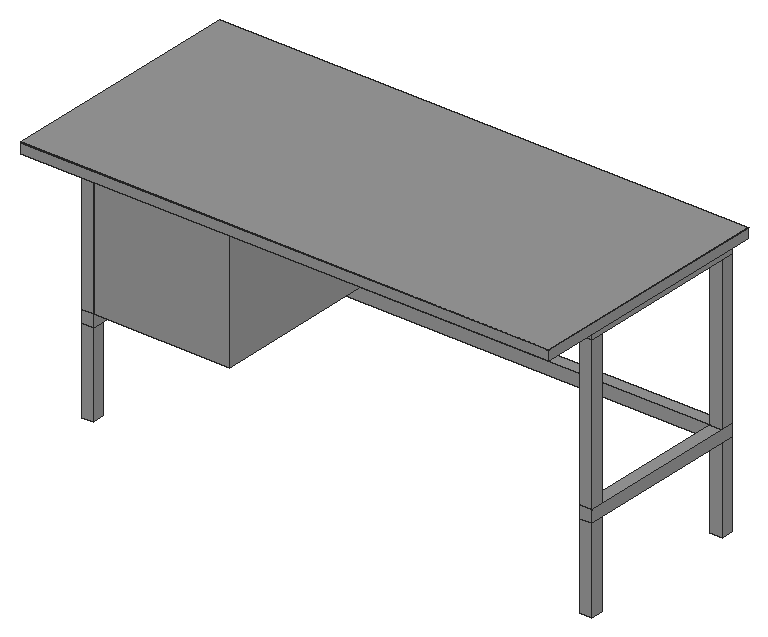
Revit family "SmallBench", category Furniture, Revit 2025
Family settings
  OmniClass Number = 23.40.20.00
  OmniClass Title = General Furniture and Specialties
  Work Plane-Based = No
  Enable Cutting in Views = No
  Always vertical = Yes
  Cut with Voids When Loaded = No
  Render Appearance Source = Family Geometry
  Shared = No
  Room Calculation Point = No
Parameters
  Default Elevation = 0 mm
Reference planes
  plane 1 "CentreLong": y = 0
  plane 2: z = 0
  plane 3 "LeftEdge": x = 0
  plane 4 "FrontEdge": y = -825
  plane 5 "RightEdge": x = 1750
  plane 6 "DrawerFront": y = -610
  plane 7 "LeftSupport": x = 50
  plane 8 "BenchTop": z = 900
  plane 9 "BenchBottom": z = 865
  plane 10 "RightSupport": x = 1700
  plane 11 "BackSupport": y = -50
  plane 12 "DrawerInner": x = 520
Forms (mm)
  Extrusion 1, solid, material "Steel, Paint Finish, Dark Gray, Matte"
    sketch origin (0, 0, 0) x (1, 0, 0) y (0, 1, 0)
      loop
        line (0, 0) -> (0, -825) -> (1750, -825) -> (1750, 0) -> (0, 0)
    from 865 to 898
  Extrusion 2, solid, material "Steel, Paint Finish, Dark Gray, Matte"
    sketch origin (1780, -548.097, 0) x (1, 0, 0) y (0, 1, 0)
      loop
        line (-100, 518.097) -> (-100, 478.097) -> (-60, 478.097) -> (-60, 518.097) -> (-100, 518.097)
    from 0 to 825
  Extrusion 3, solid, material "Steel, Paint Finish, Dark Gray, Matte"
    sketch origin (1780, -1115, 0) x (1, 0, 0) y (0, 1, 0)
      loop
        line (-100, 545) -> (-100, 505) -> (-60, 505) -> (-60, 545) -> (-100, 545)
    from 0 to 825
  Extrusion 4, solid, material "Steel, Paint Finish, Dark Gray, Matte"
    sketch origin (-700, -140, 0) x (1, 0, 0) y (0, 1, 0)
      loop
        line (2380, 110) -> (2380, -470) -> (2420, -470) -> (2420, 110) -> (2400, 110) -> (2380, 110)
    from 825 to 865
  Extrusion 5, solid, material "Steel, Paint Finish, Dark Gray, Matte"
    sketch origin (-700, -180, 0) x (1, 0, 0) y (0, 1, 0)
      loop
        line (2380, 150) -> (2380, -430) -> (2420, -430) -> (2420, 150) -> (2380, 150)
    from 280 to 320
  Extrusion 6, solid, material "Birch - Glossy"
    sketch origin (0, 0, 0) x (1, 0, 0) y (0, 1, 0)
      loop
        line (70, 0) -> (70, -610) -> (520, -610) -> (520, 0) -> (70, 0)
    from 320 to 865
  Extrusion 7, solid, not visible
    sketch origin (1780, -548.097, 0) x (1, 0, 0) y (0, 1, 0)
      loop
        line (-100, 518.097) -> (-100, 478.097) -> (-60, 478.097) -> (-60, 518.097) -> (-100, 518.097)
    from 0 to 825
  Extrusion 8, solid, not visible
    sketch origin (1780, -1115, 0) x (1, 0, 0) y (0, 1, 0)
      loop
        line (-100, 545) -> (-100, 505) -> (-60, 505) -> (-60, 545) -> (-100, 545)
    from 0 to 825
  Extrusion 9, solid, not visible
    sketch origin (-700, -140, 0) x (1, 0, 0) y (0, 1, 0)
      loop
        line (2380, 110) -> (2380, -470) -> (2420, -470) -> (2420, 110) -> (2400, 110) -> (2380, 110)
    from 825 to 865
  Extrusion 10, solid, not visible
    sketch origin (-700, -180, 0) x (1, 0, 0) y (0, 1, 0)
      loop
        line (2380, 150) -> (2380, -430) -> (2420, -430) -> (2420, 150) -> (2380, 150)
    from 280 to 320
  Extrusion 11, solid, material "Steel, Paint Finish, Dark Gray, Matte"
    sketch origin (130, -548.097, 0) x (1, 0, 0) y (0, 1, 0)
      loop
        line (-100, 518.097) -> (-100, 478.097) -> (-60, 478.097) -> (-60, 518.097) -> (-100, 518.097)
    from 0 to 825
  Extrusion 12, solid, material "Steel, Paint Finish, Dark Gray, Matte"
    sketch origin (130, -1115, 0) x (1, 0, 0) y (0, 1, 0)
      loop
        line (-100, 545) -> (-100, 505) -> (-60, 505) -> (-60, 545) -> (-100, 545)
    from 0 to 825
  Extrusion 13, solid, material "Steel, Paint Finish, Dark Gray, Matte"
    sketch origin (-2350, -140, 0) x (1, 0, 0) y (0, 1, 0)
      loop
        line (2380, 110) -> (2380, -470) -> (2420, -470) -> (2420, 110) -> (2400, 110) -> (2380, 110)
    from 825 to 865
  Extrusion 14, solid, material "Steel, Paint Finish, Dark Gray, Matte"
    sketch origin (-2350, -180, 0) x (1, 0, 0) y (0, 1, 0)
      loop
        line (2380, 150) -> (2380, -430) -> (2420, -430) -> (2420, 150) -> (2380, 150)
    from 280 to 320
  Extrusion 15, solid, material "Steel, Paint Finish, Dark Gray, Matte"
    sketch origin (0, 0, -200) x (0, 1, 0) y (0, 0, 1)
      loop
        line (-30, 520) -> (-70, 520) -> (-70, 480) -> (-30, 480) -> (-30, 520)
    from 70 to 1680
  Extrusion 16, solid, material "Steel, Paint Finish, Dark Gray, Matte"
    sketch origin (0, 0, 465) x (0, 1, 0) y (0, 0, 1)
      loop
        line (-30, 400) -> (-70, 400) -> (-70, 360) -> (-30, 360) -> (-30, 400)
    from 70 to 1680
  Extrusion 17, solid, material "Asphalt, Pavement"
    sketch origin (0, 0, 0) x (1, 0, 0) y (0, 1, 0)
      loop
        line (0, 0) -> (0, -825) -> (1750, -825) -> (1750, 0) -> (0, 0)
    from 898 to 900
Dimensions and locks
  plane 3 "LeftEdge" to plane 5 "RightEdge" = 1750 mm
  plane 12 "DrawerInner" to Extrusion 3 = 1160 mm
  plane 8 "BenchTop" to level = 900 mm
  plane 5 "RightEdge" to plane 3 "LeftEdge" = 1750 mm
  Extrusion 6 to Extrusion 12 = 450 mm
  Extrusion 13 to Extrusion 6 = 450 mm
  Extrusion 6 to Extrusion 4 = 1160 mm
  aligned and locked: level to plane 2
